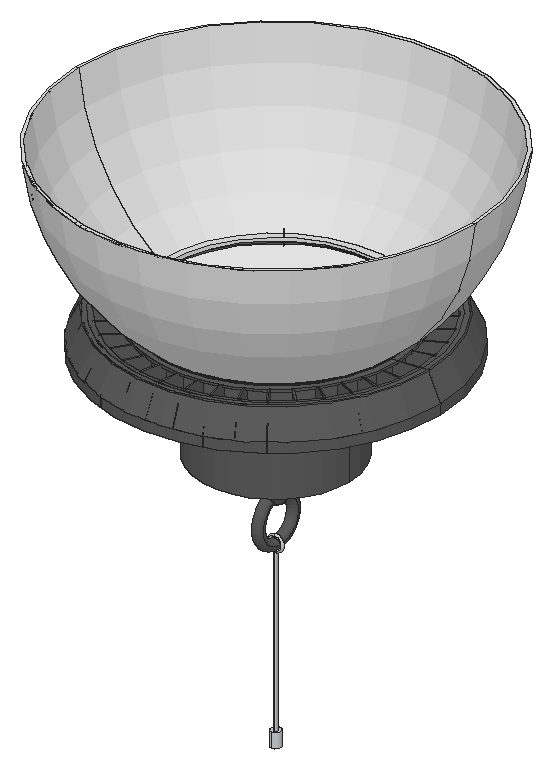
Revit family "0039346+0039359 Feilo Sylvania Lighting Fixture START HIGHBAY 4K 26KLM MEDIUM with ALU SHADE ALU COLOR FOR 26KLM", category Lighting Fixtures, host Face, Revit 2017
Family settings
  Host = Face
  Round Connector Dimension = Use Diameter
  Part Type = Normal
  OmniClass Number = 23.80.70.00
  OmniClass Title = Lighting
  Cut with Voids When Loaded = No
  Light Source = Yes
  Shared = No
  Room Calculation Point = No
Parameters (values of type "0039346+0039359 START HIGHBAY 4K 26KLM MEDIUM ALU SHADE ALU COLOR FOR 26KLM")
  WidthStraight_FEILO = if(SizeS_FEILO, 3 mm, if(SizeM_FEILO, 4 mm, 4.7 mm))  # 4.7 mm
  WidthRingChamfer_FEILO = if(SizeS_FEILO, 10.3 mm, if(SizeM_FEILO, 11.2 mm, 12.9 mm))  # 12.9 mm
  WidthCurved_FEILO = if(SizeS_FEILO, 17.4 mm, if(SizeM_FEILO, 16.4 mm, 26.2 mm))  # 26.2 mm
  WidthCurvedRing_FEILO = if(SizeS_FEILO, 3 mm, if(SizeM_FEILO, 4 mm, 4.7 mm))  # 4.7 mm
  WidthBracket_FEILO = 40 mm
  Weight = "3.7 kg"
  Wattage Comments = ""
  Wattage = 200 W
  WarrantyStartDate [instance] = "n/a"
  WarrantyGuarantorParts = "n/a"
  WarrantyDurationUnit = "n/a"
  WarrantyDurationParts = "n/a"
  WarrantyDescription = "n/a"
  built-in parameter 1150110 = 1 (stored number, unit not read)
  Voltage = 230 V
  VisibilityBracket_FEILO = no
  URL = "http://www.sylvania-lighting.com"
  TypeName = "START HIGHBAY 4K 26KLM MEDIUM ALU SHADE ALU COLOR FOR 26KLM"
  Type Image = <None>
  Type Comments = "n/a"
  built-in parameter 1114217 = 1 (stored number, unit not read)
  Tilt Angle = -90.00°
  ThicknessWall_FEILO = 1.5 mm
  ThicknessBracket_FEILO = 1.5 mm
  ThicknessBracketHalf_FEILO = ThicknessBracket_FEILO / 2  # 0.75 mm
  built-in parameter 1150109 = 1 (stored number, unit not read)
  built-in parameter 1150134 = 12
  SuspensionHeight_FEILO [instance] = 400 mm
  built-in parameter 1150113 = 1 (stored number, unit not read)
  SizeS_FEILO = no
  SizeM_FEILO = no
  ShadeThickness_FEILO = 3 mm
  ShadeSizeSM_FEILO = or(SizeS_FEILO, SizeM_FEILO)  # no
  ShadeRadiusOut_FEILO = 205 mm
  ShadeRadiusIn_FEILO = if(ShadeSizeSM_FEILO, 95 mm, 121 mm)  # 121 mm
  ShadeRadiusBend_FEILO = if(ShadeSizeSM_FEILO, 210 mm, 210 mm)  # 210 mm
  ShadeHeight_FEILO = if(ShadeSizeSM_FEILO, 120 mm, 151 mm)  # 151 mm
  SerialNumber [instance] = "n/a"
  Rib4_FEILO = if(SizeS_FEILO, 18.1 mm, if(SizeM_FEILO, 13.6 mm, 14.6 mm))  # 14.6 mm
  Rib3_FEILO = if(SizeS_FEILO, 15.3 mm, if(SizeM_FEILO, 17.6 mm, 20.2 mm))  # 20.2 mm
  Rib2_FEILO = if(SizeS_FEILO, 3.6 mm, if(SizeM_FEILO, 3.9 mm, 4.5 mm))  # 4.5 mm
  Rib1_FEILO = if(SizeS_FEILO, 15.1 mm, if(SizeM_FEILO, 16.5 mm, 19 mm))  # 19 mm
  RadiusDiffuser_FEILO = if(SizeS_FEILO, 95.2 mm, if(SizeM_FEILO, 105.3 mm, 120 mm))  # 120 mm
  RadiusArrayPost_FEILO = DriverRadius_FEILO - 6 mm  # 70.4 mm
  RHRadius3_FEILO = if(SizeS_FEILO, 6.6 mm, if(SizeM_FEILO, 7.4 mm, 8.6 mm))  # 8.6 mm
  RHRadius2_FEILO = if(SizeS_FEILO, 11 mm, if(SizeM_FEILO, 12 mm, 14 mm))  # 14 mm
  RHRadius1_FEILO = if(SizeS_FEILO, 13.6 mm, if(SizeM_FEILO, 14.9 mm, 17.7 mm))  # 17.7 mm
  RHHeight4_FEILO = if(SizeS_FEILO, 7.3 mm, if(SizeM_FEILO, 8 mm, 9.2 mm))  # 9.2 mm
  RHHeight3_FEILO = if(SizeS_FEILO, 3.6 mm, if(SizeM_FEILO, 3.7 mm, 4.6 mm))  # 4.6 mm
  RHHeight2_FEILO = if(SizeS_FEILO, 2 mm, if(SizeM_FEILO, 2.2 mm, 2.6 mm))  # 2.6 mm
  RHHeight1_FEILO = if(SizeS_FEILO, 11.8 mm, if(SizeM_FEILO, 15.3 mm, 17.4 mm))  # 17.4 mm
  Photometric Web File = "0039346+0039359.ies"
  Material_5_FEILO = Shade-Sylvania-StartHighbay-Alu
  Material_3_FEILO = LED-Sylvania-StartHighbay-Glow
  PowerFactor = 0.95
  PowerConsumption = "200 W"
  NominalLength = 339 mm
  NominalHeight = 194 mm
  NominalDepth = 339 mm
  Name = "START HIGHBAY 4K 26KLM MEDIUM ALU SHADE ALU COLOR FOR 26KLM"
  ModelReference = Name  # "START HIGHBAY 4K 26KLM MEDIUM ALU SHADE ALU COLOR FOR 26KLM"
  ModelNumber = "0039346+0039359"
  Model = Name  # "START HIGHBAY 4K 26KLM MEDIUM ALU SHADE ALU COLOR FOR 26KLM"
  Material = "aluminium alloy housing, polycarbonate diffuser"
  ManufacturerName = "Feilo Sylvania"
  Manufacturer = "Feilo Sylvania"
  LuminousEfficacy = "130 lm/W"
  built-in parameter 1150105 = 35336 (stored number, unit not read)
  Lumens = 26000 lm
  LuminaireType = ""
  built-in parameter 1150115 = 1 (stored number, unit not read)
  LightOutputRatio = "n/a"
  built-in parameter 1150137 = (empty or 0)
  built-in parameter 1150139 = (empty or 0)
  LampsType = Lamp  # "LED"
  LampNominalLuminous = "26000 lm"
  LampMacAdamStep = "n/a"
  LampColourTemperature = "4000 K"
  LampColourRenderingIndex = "80"
  built-in parameter 1150112 = 1 (stored number, unit not read)
  built-in parameter 1150114 = 1 (stored number, unit not read)
  Lamp = "LED"
  Keynote = "16500"
  InstallationDate [instance] = "n/a"
  InputVoltage = "220-240V~"
  InputNominalFrequency = "50/60 Hz"
  built-in parameter 1150132 = (empty or 0)
  built-in parameter 1150102 = (empty or 0)
  built-in parameter 1150107 = 4000 (stored number, unit not read)
  built-in parameter 1150138 = (empty or 0)
  IngressProtection = "IP65"
  ImpactProtectionIndex = "IK08"
  built-in parameter 1150106 = 353.36 (stored number, unit not read)
  IfcExportType = "IfcLightFixtureType"
  IfcExportAs = "IfcLightFixtureType"
  HeightRing_FEILO = if(SizeS_FEILO, 19.8 mm, if(SizeM_FEILO, 32 mm, 36.8 mm))  # 36.8 mm
  HeightRingChamfer_FEILO = if(SizeS_FEILO, 11.7 mm, if(SizeM_FEILO, 23.2 mm, 26.6 mm))  # 26.6 mm
  EyeThickness_FEILO = if(SizeS_FEILO, 8.4 mm, if(SizeM_FEILO, 9.2 mm, 10.5 mm))  # 10.5 mm
  EyeThicknessHalf_FEILO = EyeThickness_FEILO / 2  # 5.25 mm
  EyeInner_FEILO = if(SizeS_FEILO, 13.8 mm, if(SizeM_FEILO, 15.1 mm, 17.3 mm))  # 17.3 mm
  ExpectedLife = 50000
  Emit from Circle Diameter = RadiusDiffuser_FEILO * 2  # 240 mm
  Emit Shape Visible in Rendering = no
  ElectricShockClassification = "Class I"
  built-in parameter 1150104 = 12.077 (stored number, unit not read)
  DurationUnit = "hours"
  DriverVerticalStraight_FEILO = if(SizeS_FEILO, 46.5 mm, if(SizeM_FEILO, 49.7 mm, 57 mm))  # 57 mm
  DriverVerticalChamfer_FEILO = if(SizeS_FEILO, 7.5 mm, if(SizeM_FEILO, 8.2 mm, 9.5 mm))  # 9.5 mm
  DriverRadius_FEILO = if(SizeS_FEILO, 61.4 mm, if(SizeM_FEILO, 67.2 mm, 76.4 mm))  # 76.4 mm
  DriverRadiusTop_FEILO = if(SizeS_FEILO, 42 mm, if(SizeM_FEILO, 45.3 mm, 52.4 mm))  # 52.4 mm
  DriverBottom_FEILO = if(SizeS_FEILO, 56 mm, if(SizeM_FEILO, 64.5 mm, 74 mm))  # 74 mm
  DocumentationLiterature = "http://www.sylvania-lighting.com/product/en-int/products/0039346"
  DimmingControlOptions = "n/a"
  Material_2_FEILO = Diffuser-Sylvania-StartHighbay-Transparent
  Radius_FEILO = if(SizeS_FEILO, 135 mm, if(SizeM_FEILO, 148 mm, 169.5 mm))  # 169.5 mm
  Dimming Lamp Color Temperature Shift = <None>
  DiameterWire_FEILO = 3 mm
  DiameterWireSupport_FEILO = 10 mm
  Description = "START HIGHBAY, includes 1 m cables, black aluminium housing, 26000LM, 200W, 130lm/W, 4000K, Driver current: 5000mA, CR80, 60° beam angle, 1-10V dimmable,  IP65, IK08, 50,000 hrs (L70B50), (LxWxH) 339x339x194mm"
  Default Elevation = 1219.2 mm
  CreatedOn = "2/28/2018"
  CreatedBy = ""
  Cost = 0
  Color Filter = 16777215
  built-in parameter 1114216 [instance] = (empty or 0)
  ClassificationValue = "EF_70_80"
  ClassificationName = "Uniclass2015"
  Material_1_FEILO = Body-Sylvania-StartHighbay-Black
  BarCode [instance] = "n/a"
  built-in parameter 1114218 = 1 (stored number, unit not read)
  built-in parameter 1150133 = 10 (stored number, unit not read)
  AssetType = "Fixed"
  AssetIdentifier [instance] = "n/a"
  Assembly Code = "D5020200"
  Apparent Load = 200 VA
  Material_4_FEILO = Shade-Sylvania-StartHighbay-Alu
Reference planes
  plane 1 "Center (Front/Back)": y = 0
  plane 2: z = 0
  plane 3 "Center (Left/Right)": x = 0
  plane 4: z = 400
  plane 5: x = -169.5
  plane 6: x = -156.6
  plane 7: z = 373.4
  plane 8: z = 363.2
  plane 9: x = -151.9
  plane 10: z = 397.375
  plane 11: x = -125.7
  plane 12: x = -120
  plane 13: x = -147.2
  plane 14: z = 398.375
  plane 15: z = 396.375
  plane 16: x = -117
  plane 17: z = 395.375
  plane 18: x = -168
  plane 19: x = -150.5
  plane 20: z = 358.7
  plane 21: x = -130.3
  plane 22: z = 344.1
  plane 23: x = -20
  plane 24: z = 326
  plane 25: x = -76.4
  plane 26: z = 269
  plane 27: x = -52.4
  plane 28: z = 259.5
  plane 29: x = -17.7
  plane 30: z = 242.1
  plane 31: z = 239.5
  plane 32: x = -14
  plane 33: z = 234.9
  plane 34: z = 225.7
  plane 35: x = -8.6
  plane 36: z = 208.4
  plane 37: z = 191.1
  plane 38: x = 5.25
  plane 39: x = -5.25
  plane 40: z = 180.6
  plane 41: z = 185.85
  plane 42: x = -162.3
  plane 43: x = -167
  plane 44: z = 361.7
  plane 45: x = -155.1
  plane 46: z = 297.5
  plane 47: y = -20
  plane 48: y = 20
  plane 49: x = 169.5
  plane 50: x = 156.6
  plane 51: x = 168
  plane 52: x = 162.3
  plane 53: x = 167
  plane 54: x = 155.1
  plane 55: z = 194.1
  plane 56: y = 1.5
  plane 57: y = -1.5
  plane 58: z = 192.6
  plane 59: z = 179.1
  plane 60: z = 177.6
  plane 61: y = -5
  plane 62: y = 5
  plane 63: z = 14
  plane 64: x = -205
  plane 65: z = 551
  plane 66: x = -121
  plane 67: x = -113
  plane 68: x = -202
  plane 69: z = 403
Forms (mm)
  Revolve 1, solid, material "Body-Sylvania-StartHighbay-Black" <- "Material_1_FEILO", detail levels medium+fine
    sketch origin (0, 0, 0) x (1, 0, 0) y (0, 0, 1)
      loop
        line (-169.5, 363.2) -> (-168, 363.2) -> (-168, 373.055) -> (-156.206, 397.375) -> (-147.2, 397.375) -> (-147.2, 399.137)
        arc (-147.2, 399.137) -> (-149.554, 399.547) -> (-151.9, 400) r 132.063
        line (-151.9, 400) -> (-156.141, 400)
        arc (-156.141, 400) -> (-156.63, 399.826) -> (-156.899, 399.383) r 0.774
        line (-156.899, 399.383) -> (-169.5, 373.4) -> (-169.5, 363.2)
      axis (0, 400) -> (0, 363.2)
    angle from 360 to 0
  Revolve 2, solid, material "Body-Sylvania-StartHighbay-Black" <- "Material_1_FEILO", detail levels medium+fine
    sketch origin (0, 0, 0) x (1, 0, 0) y (0, 0, 1)
      loop
        line (-125.7, 395.375) -> (-120, 395.375) -> (-120, 373.4) -> (0, 373.4) -> (0, 395.375) -> (-117, 395.375) -> (-117, 396.375) -> (-120, 396.375) -> (-120, 397.375) -> (-125.7, 397.375) -> (-125.7, 395.375)
      axis (0, 397.375) -> (0, 373.4)
    angle from 360 to 0
  Revolve 3, solid, material "Diffuser-Sylvania-StartHighbay-Transparent" <- "Material_2_FEILO", detail levels medium+fine
    sketch origin (0, 0, 0) x (1, 0, 0) y (0, 0, 1)
      loop
        line (-120, 396.375) -> (0, 396.375) -> (0, 398.375) -> (-120, 398.375) -> (-120, 396.375)
      axis (0, 398.375) -> (0, 396.375)
    angle from 360 to 0
  Revolve 4, solid, material "Body-Sylvania-StartHighbay-Black" <- "Material_1_FEILO"
    sketch origin (0, 0, 0) x (1, 0, 0) y (0, 0, 1)
      loop
        line (-76.4, 344.1) -> (-76.4, 269) -> (-52.4, 259.5) -> (-17.7, 259.5) -> (-17.7, 242.1) -> (-14, 239.5) -> (-14, 234.9) -> (-9.037, 226.426)
        arc (-9.037, 226.426) -> (-8.49, 225.894) -> (-7.753, 225.7) r 1.5
        line (-7.753, 225.7) -> (0, 225.7) -> (0, 344.1) -> (-76.4, 344.1)
      axis (0, 344.1) -> (0, 225.7)
    angle from 360 to 0
  Revolve 5, solid, material "Body-Sylvania-StartHighbay-Black" <- "Material_1_FEILO"
    sketch origin (0, 0, 0) x (1, 0, 0) y (0, 0, 1)
      loop
        circle (0, 185.85) r 5.25
      axis (5.25, 208.4) -> (-5.25, 208.4)
    angle from 360 to 0
  Extrusion 6, solid, material "Body-Sylvania-StartHighbay-Black" <- "Material_1_FEILO", visible <- "VisibilityBracket_FEILO"
    sketch origin (0, 0, 0) x (1, 0, 0) y (0, 0, 1)
      loop
        line (-167, 363.2) -> (-167, 361.7) -> (-157.35, 361.7)
        arc (-157.35, 361.7) -> (-156.82, 361.48) -> (-156.6, 360.95) r 0.75
        line (-156.6, 360.95) -> (-156.6, 297.5) -> (-155.1, 297.5) -> (-155.1, 361.7)
        arc (-155.1, 361.7) -> (-155.539, 362.761) -> (-156.6, 363.2) r 1.5
        line (-156.6, 363.2) -> (-167, 363.2)
      loop
        line (167, 363.2) -> (156.6, 363.2)
        arc (156.6, 363.2) -> (155.539, 362.761) -> (155.1, 361.7) r 1.5
        line (155.1, 361.7) -> (155.1, 297.5) -> (156.6, 297.5) -> (156.6, 360.95)
        arc (156.6, 360.95) -> (156.82, 361.48) -> (157.35, 361.7) r 0.75
        line (157.35, 361.7) -> (167, 361.7) -> (167, 363.2)
    from -20 to 20
  Extrusion 7, void
    sketch origin (0, 0, 0) x (0, 1, 0) y (0, 0, 1)
      loop
        arc (-10, 297.5) -> (-17.071, 300.429) -> (-20, 307.5) r 10
        line (-20, 307.5) -> (-25, 307.5) -> (-25, 292.5) -> (-10, 292.5) -> (-10, 297.5)
      loop
        line (10, 297.5) -> (10, 292.5) -> (25, 292.5) -> (25, 307.5) -> (20, 307.5)
        arc (20, 307.5) -> (17.071, 300.429) -> (10, 297.5) r 10
    from -156.6 to 156.6
  Revolve 8, solid, material "Body-Sylvania-StartHighbay-Black" <- "Material_1_FEILO", detail levels coarse
    sketch origin (0, 0, 0) x (1, 0, 0) y (0, 0, 1)
      loop
        line (0, 400) -> (-156.6, 400) -> (-169.5, 373.4) -> (-169.5, 363.2) -> (-150.5, 363.2) -> (-150.5, 358.7) -> (-130.3, 344.1) -> (0, 344.1) -> (0, 400)
      axis (0, 400) -> (0, 344.1)
    angle from 360 to 0
  Revolve 9, solid
    sketch origin (0, 0, 0) x (0, 1, 0) y (0, 0, 1)
      loop
        circle (0, 192.6) r 1.5
      axis (1.5, 185.85) -> (-1.5, 185.85)
    angle from 360 to 0
  Revolve 10, solid
    sketch origin (0, 0, 0) x (0, 1, 0) y (0, 0, 1)
      loop
        line (0, 0) -> (0, 179.1) -> (-1.5, 179.1) -> (-1.5, 14) -> (-5, 14) -> (-5, 0) -> (0, 0)
      axis (0, 0) -> (0, 179.1)
    angle from 360 to 0
  Revolve 11, solid, material "Shade-Sylvania-StartHighbay-Alu" <- "Material_4_FEILO"
    sketch origin (0, 0, 0) x (1, 0, 0) y (0, 0, 1)
      loop
        line (-121, 400) -> (-113, 400) -> (-113, 403) -> (-120.341, 403)
        arc (-120.341, 403) -> (-177.055, 468.269) -> (-202.193, 551) r 207.203
        line (-202.193, 551) -> (-205, 551)
        arc (-205, 551) -> (-179.25, 466.46) -> (-121, 400) r 210
      axis (0, 551) -> (0, 400)
    angle from 360 to 0
Cuts and joins
  Extrusion 7 cuts Extrusion 6
Lines and regions (mm)
  reference lines
    curve 1: line (-169.5, 0, 373.4) -> (-156.6, 0, 400)
    curve 2: line (-125.7, 0, 397.375) -> (0, 0, 397.375)
    curve 3: arc (-125.7, 0, 397.375) -> (-138.866, 0, 398.033) -> (-151.9, 0, 400) r 132.063
    curve 4: line (-156.6, 0, 400) -> (-151.9, 0, 400)
    curve 5: line (-156.206, 0, 397.375) -> (-168, 0, 373.055)
    curve 6: line (-150.5, 0, 358.7) -> (-130.3, 0, 344.1)
    curve 7: line (-14, 0, 234.9) -> (-8.6, 0, 225.7)
    curve 8: circle (0, 0, 185.85) r 5.25 normal (0, -1, 0)
    curve 9: arc (-121, 0, 400) -> (-179.25, 0, 466.46) -> (-205, 0, 551) r 210
Dimensions and locks
  "Radius_FEILO": plane 3 "Center (Left/Right)" to plane 5
  "WidthRingChamfer_FEILO": plane 6 to plane 5
  "WidthStraight_FEILO": plane 9 to plane 6
  "WidthCurvedRing_FEILO": plane 13 to plane 9
  locked: plane 10 to plane 15 at 1
  locked: plane 14 to plane 10 at 1
  locked: plane 4 to plane 10 at 2.625
  locked: plane 15 to plane 17 at 1
  "ThicknessWall_FEILO": plane 18 to plane 5
  "ThicknessWall_FEILO": curve 5 to curve 1
  "HeightRingChamfer_FEILO": plane 4 to plane 7
  "HeightRing_FEILO": plane 4 to plane 8
  "RadiusDiffuser_FEILO": plane 3 "Center (Left/Right)" to plane 12
  locked: plane 16 to plane 12 at 3
  "WidthCurved_FEILO": plane 11 to plane 9
  "SuspensionHeight_FEILO": plane 4 to plane 2
  "Rib1_FEILO": plane 19 to plane 5
  "Rib2_FEILO": plane 8 to plane 20
  "Rib3_FEILO": plane 21 to plane 19
  "Rib4_FEILO": plane 20 to plane 22
  locked: plane 3 "Center (Left/Right)" to plane 23 at 20
  "DriverBottom_FEILO": plane 4 to plane 24
  "DriverRadius_FEILO": plane 3 "Center (Left/Right)" to plane 25
  "DriverVerticalStraight_FEILO": plane 24 to plane 26
  "DriverRadiusTop_FEILO": plane 3 "Center (Left/Right)" to plane 27
  "DriverVerticalChamfer_FEILO": plane 26 to plane 28
  "RHRadius1_FEILO": plane 3 "Center (Left/Right)" to plane 29
  "RHHeight2_FEILO": plane 30 to plane 31
  "RHRadius2_FEILO": plane 3 "Center (Left/Right)" to plane 32
  "RHHeight3_FEILO": plane 31 to plane 33
  "RHHeight4_FEILO": plane 33 to plane 34
  "RHRadius3_FEILO": plane 3 "Center (Left/Right)" to plane 35
  "RHHeight1_FEILO": plane 28 to plane 30
  "EyeInner_FEILO": plane 34 to plane 36
  "EyeInner_FEILO": plane 36 to plane 37
  equal spacing: plane 38, plane 3 "Center (Left/Right)", plane 39
  "EyeThickness_FEILO": plane 38 to plane 39
  "EyeThickness_FEILO": plane 37 to plane 40
  equal spacing: plane 37, plane 41, plane 40
  equal spacing: plane 6, plane 42, plane 18
  "ThicknessBracket_FEILO": plane 45 to plane 6
  "ThicknessBracket_FEILO": plane 8 to plane 44
  locked: plane 43 to plane 18 at 1
  equal spacing: plane 24, plane 46, plane 26
  equal spacing: plane 47, plane 1 "Center (Front/Back)", plane 48
  "WidthBracket_FEILO": plane 47 to plane 48
  "WidthRingChamfer_FEILO": plane 50 to plane 49
  "ThicknessWall_FEILO": plane 51 to plane 49
  equal spacing: plane 50, plane 52, plane 51
  "ThicknessBracket_FEILO": plane 54 to plane 50
  locked: plane 53 to plane 51 at 1
  "Radius_FEILO": plane 49 to plane 3 "Center (Left/Right)"
  equal spacing: plane 57, imposter light, plane 56
  "DiameterWire_FEILO": plane 57 to plane 56
  "DiameterWire_FEILO": plane 37 to plane 55
  equal spacing: plane 37, plane 58, plane 55
  "DiameterWire_FEILO": plane 60 to plane 40
  equal spacing: plane 60, plane 59, plane 40
  equal spacing: plane 61, plane 1 "Center (Front/Back)", plane 62
  "DiameterWireSupport_FEILO": plane 61 to plane 62
  locked: plane 63 to plane 2 at 14
  "ShadeRadiusOut_FEILO": plane 3 "Center (Left/Right)" to plane 64
  "ShadeHeight_FEILO": plane 65 to plane 4
  "ShadeRadiusIn_FEILO": plane 3 "Center (Left/Right)" to plane 66
  locked: plane 67 to plane 66 at 8
  "ShadeThickness_FEILO": plane 69 to plane 4
  "ShadeThickness_FEILO": plane 68 to plane 64
  "EyeThicknessHalf_FEILO": radius of curve 8
  "ThicknessBracket_FEILO": radius of Extrusion 6 sketch curve  (x2)
  "ThicknessBracketHalf_FEILO": radius of Extrusion 6 sketch curve  (x2)
  "DiameterWire_FEILO": diameter of Revolve 9 sketch curve
  "ShadeRadiusBend_FEILO": radius of curve 9
  aligned and locked: plane 2 to host face
  aligned and locked: level to host face
  aligned and locked: plane 5 to curve 1
  aligned and locked: plane 6 to curve 1
  aligned and locked: plane 7 to curve 1
  aligned and locked: plane 10 to curve 2
  aligned and locked: plane 9 to curve 3
  aligned and locked: plane 4 to curve 3
  aligned and locked: plane 11 to curve 3
  aligned and locked: plane 4 to curve 4
  aligned and locked: plane 18 to curve 5
  aligned and locked: plane 10 to curve 5
  aligned and locked: Revolve 1 sketch curve to plane 3 "Center (Left/Right)"
  aligned and locked: Revolve 1 sketch curve to curve 3
  aligned and locked: Revolve 1 sketch curve to curve 1
  aligned and locked: plane 4 to Revolve 1 sketch curve
  aligned and locked: plane 9 to Revolve 1 sketch curve
  aligned and locked: Revolve 1 sketch curve to plane 13
  aligned and locked: Revolve 1 sketch curve to plane 10
  aligned and locked: plane 13 to Revolve 1 sketch curve
  aligned and locked: plane 10 to Revolve 1 sketch curve
  aligned and locked: Revolve 1 sketch curve to plane 18
  aligned and locked: Revolve 1 sketch curve to plane 8
  aligned and locked: plane 5 to Revolve 1 sketch curve  (x2)
  aligned and locked: Revolve 2 sketch curve to plane 3 "Center (Left/Right)"
  aligned and locked: plane 11 to Revolve 2 sketch curve
  aligned and locked: Revolve 2 sketch curve to curve 2
  aligned and locked: plane 15 to Revolve 2 sketch curve
  aligned and locked: Revolve 2 sketch curve to plane 16
  aligned and locked: plane 17 to Revolve 2 sketch curve  (x2)
  aligned and locked: Revolve 2 sketch curve to plane 12
  aligned and locked: plane 7 to Revolve 2 sketch curve
  aligned and locked: Revolve 3 sketch curve to plane 3 "Center (Left/Right)"
  aligned and locked: Revolve 3 sketch curve to plane 14
  aligned and locked: plane 3 "Center (Left/Right)" to Revolve 3 sketch curve
  aligned and locked: Revolve 3 sketch curve to plane 12
  aligned and locked: plane 15 to Revolve 3 sketch curve
  aligned and locked: Revolve 1 sketch curve to curve 5
  aligned and locked: plane 22 to curve 6
  aligned and locked: plane 21 to curve 6
  aligned and locked: plane 20 to curve 6
  aligned and locked: plane 19 to curve 6
  aligned and locked: plane 33 to curve 7
  aligned and locked: plane 32 to curve 7
  aligned and locked: plane 35 to curve 7
  aligned and locked: plane 34 to curve 7
  aligned and locked: Revolve 4 sketch curve to plane 3 "Center (Left/Right)"
  aligned and locked: Revolve 4 sketch curve to plane 25
  aligned and locked: plane 27 to Revolve 4 sketch curve
  aligned and locked: plane 28 to Revolve 4 sketch curve
  aligned and locked: plane 30 to Revolve 4 sketch curve
  aligned and locked: Revolve 4 sketch curve to plane 29
  aligned and locked: plane 31 to Revolve 4 sketch curve
  aligned and locked: Revolve 4 sketch curve to curve 7
  aligned and locked: Revolve 4 sketch curve to plane 32
  aligned and locked: plane 34 to Revolve 4 sketch curve
  aligned and locked: plane 3 "Center (Left/Right)" to Revolve 4 sketch curve
  aligned and locked: plane 3 "Center (Left/Right)" to curve 8
  aligned and locked: plane 41 to curve 8
  aligned and locked: Revolve 5 sketch curve to plane 36
  aligned and locked: Revolve 5 sketch curve to curve 8
  aligned and locked: plane 43 to Extrusion 6 sketch curve  (x2)
  aligned and locked: plane 8 to Extrusion 6 sketch curve  (x3)
  aligned and locked: Extrusion 6 sketch curve to plane 45
  aligned and locked: Extrusion 6 sketch curve to plane 46  (x2)
  aligned and locked: plane 6 to Extrusion 6 sketch curve
  aligned and locked: Extrusion 6 sketch curve to plane 44  (x2)
  aligned and locked: Extrusion 6 to plane 48
  aligned and locked: plane 47 to Extrusion 6
  aligned and locked: plane 53 to Extrusion 6 sketch curve
  aligned and locked: plane 50 to Extrusion 6 sketch curve
  aligned and locked: Extrusion 6 sketch curve to plane 54
  aligned and locked: Extrusion 7 sketch curve to Extrusion 7 sketch curve
  aligned and locked: Extrusion 7 to plane 6
  aligned and locked: Extrusion 7 to Extrusion 6
  aligned and locked: Revolve 4 sketch curve to plane 22
  aligned and locked: plane 23 to nested 1
  aligned and locked: plane 1 "Center (Front/Back)" to nested 1
  aligned and locked: Revolve 8 sketch curve to plane 3 "Center (Left/Right)"
  aligned and locked: Revolve 8 sketch curve to plane 4
  aligned and locked: plane 6 to Revolve 8 sketch curve
  aligned and locked: plane 4 to Revolve 8 sketch curve
  aligned and locked: plane 7 to Revolve 8 sketch curve
  aligned and locked: Revolve 8 sketch curve to plane 5
  aligned and locked: plane 8 to Revolve 8 sketch curve  (x2)
  aligned and locked: Revolve 8 sketch curve to plane 19
  aligned and locked: plane 20 to Revolve 8 sketch curve
  aligned and locked: plane 19 to Revolve 8 sketch curve
  aligned and locked: plane 21 to Revolve 8 sketch curve
  aligned and locked: plane 22 to Revolve 8 sketch curve  (x2)
  aligned and locked: Revolve 8 sketch curve to Revolve 8 sketch curve
  aligned and locked: imposter light to plane 4
  aligned and locked: plane 3 "Center (Left/Right)" to imposter light
  aligned and locked: imposter light to plane 1 "Center (Front/Back)"
  aligned and locked: Revolve 9 sketch curve to plane 41
  aligned and locked: Revolve 10 sketch curve to plane 1 "Center (Front/Back)"
  aligned and locked: plane 1 "Center (Front/Back)" to Revolve 10 sketch curve  (x2)
  aligned and locked: host face to Revolve 10 sketch curve
  aligned and locked: plane 63 to Revolve 10 sketch curve
  aligned and locked: Revolve 10 sketch curve to plane 61
  aligned and locked: Revolve 10 sketch curve to plane 57
  aligned and locked: plane 59 to Revolve 10 sketch curve
  aligned and locked: plane 64 to curve 9
  aligned and locked: plane 65 to curve 9
  aligned and locked: plane 66 to curve 9
  aligned and locked: plane 4 to curve 9
  aligned and locked: Revolve 11 sketch curve to curve 9
  aligned and locked: plane 67 to Revolve 11 sketch curve
  aligned and locked: plane 66 to Revolve 11 sketch curve
  aligned and locked: plane 65 to Revolve 11 sketch curve  (x2)
  aligned and locked: Revolve 11 sketch curve to plane 67
  aligned and locked: plane 69 to Revolve 11 sketch curve
Automatic sketch dimensions
  host sketch curve to host sketch curve = 2438.4 mm  (x2)
  Revolve 1 sketch curve to plane 6 = 0.299 mm
  plane 6 to Revolve 1 sketch curve = 0.459 mm
  Revolve 1 sketch curve to level = 609.6 mm
  Revolve 1 sketch curve to Revolve 1 sketch curve = 2312.223 mm
  Revolve 2 sketch curve to plane 12 = 0 mm
  Revolve 2 sketch curve to plane 3 "Center (Left/Right)" = 0 mm
  Revolve 2 sketch curve to level = 609.6 mm
  Revolve 2 sketch curve to plane 4 = 2339.058 mm
  Revolve 3 sketch curve to level = 609.6 mm
  Revolve 3 sketch curve to plane 4 = 2339.058 mm
  Revolve 5 sketch curve to plane 5 = 1080 mm
  plane 38 to Revolve 5 sketch curve = 1219.2 mm
  Extrusion 7 sketch curve to plane 47 = 0 mm
  plane 46 to Extrusion 7 sketch curve = 0 mm  (x2)
  Extrusion 7 sketch curve to plane 48 = 0 mm
  plane 47 to Extrusion 7 sketch curve = 5 mm
  plane 1 "Center (Front/Back)" to Extrusion 7 sketch curve = 10 mm
  Extrusion 7 sketch curve to Extrusion 7 sketch curve = 10 mm
  plane 46 to Extrusion 7 sketch curve = 5 mm
  Extrusion 7 sketch curve to Extrusion 7 sketch curve = 5 mm
  Extrusion 7 sketch curve to plane 48 = 5 mm
  Revolve 4 sketch curve to plane 26 = 0 mm
  Revolve 4 sketch curve to plane 35 = 0.437 mm
  plane 35 to Revolve 4 sketch curve = 0.847 mm
  Revolve 4 sketch curve to plane 34 = 0.726 mm
  plane 40 to Revolve 4 sketch curve = 590.2 mm
  Revolve 4 sketch curve to plane 4 = 2339.058 mm
  Revolve 8 sketch curve to level = 609.6 mm
  Revolve 8 sketch curve to Revolve 8 sketch curve = 2386.058 mm
  Revolve 9 sketch curve to plane 1 "Center (Front/Back)" = 0 mm
  plane 58 to Revolve 9 sketch curve = 0 mm
  plane 47 to Revolve 9 sketch curve = 2534.941 mm
  Revolve 9 sketch curve to plane 48 = 2077.409 mm
  Revolve 10 sketch curve to Revolve 10 sketch curve = 609.6 mm
  Revolve 10 sketch curve to plane 4 = 2123.807 mm
  curve 2 to plane 3 "Center (Left/Right)" = 0 mm
  Revolve 11 sketch curve to Revolve 11 sketch curve = 0 mm  (x2)
  Revolve 11 sketch curve to plane 3 "Center (Left/Right)" = 0 mm
  plane 66 to Revolve 11 sketch curve = 0.659 mm
  Revolve 11 sketch curve to level = 609.6 mm
  Revolve 11 sketch curve to Revolve 11 sketch curve = 2068.248 mm
Nested families
  nested 1: "Start Highbay Rib" at (0, 0, 397.375), type "Type Name", detail levels medium+fine
    with SuspensionHeight_FEILO 2.6 mm
  nested 2: "Start Highbay Rib" at (0, 0, 397.375) x (0.9877, 0.1564, 0) z (0, 0, 1), type "Type Name", detail levels medium+fine
    with SuspensionHeight_FEILO 2.6 mm
  nested 3: "Start Highbay Rib" at (0, 0, 397.375) x (0.9511, 0.309, 0) z (0, 0, 1), type "Type Name", detail levels medium+fine
    with SuspensionHeight_FEILO 2.6 mm
  nested 4: "Start Highbay Rib" at (0, 0, 397.375) x (0.891, 0.454, 0) z (0, 0, 1), type "Type Name", detail levels medium+fine
    with SuspensionHeight_FEILO 2.6 mm
  nested 5: "Start Highbay Rib" at (0, 0, 397.375) x (0.809, 0.5878, 0) z (0, 0, 1), type "Type Name", detail levels medium+fine
    with SuspensionHeight_FEILO 2.6 mm
  nested 6: "Start Highbay Rib" at (0, 0, 397.375) x (0.7071, 0.7071, 0) z (0, 0, 1), type "Type Name", detail levels medium+fine
    with SuspensionHeight_FEILO 2.6 mm
  nested 7: "Start Highbay Rib" at (0, 0, 397.375) x (0.5878, 0.809, 0) z (0, 0, 1), type "Type Name", detail levels medium+fine
    with SuspensionHeight_FEILO 2.6 mm
  nested 8: "Start Highbay Rib" at (0, 0, 397.375) x (0.454, 0.891, 0) z (0, 0, 1), type "Type Name", detail levels medium+fine
    with SuspensionHeight_FEILO 2.6 mm
  nested 9: "Start Highbay Rib" at (0, 0, 397.375) x (0.309, 0.9511, 0) z (0, 0, 1), type "Type Name", detail levels medium+fine
    with SuspensionHeight_FEILO 2.6 mm
  nested 10: "Start Highbay Rib" at (0, 0, 397.375) x (0.1564, 0.9877, 0) z (0, 0, 1), type "Type Name", detail levels medium+fine
    with SuspensionHeight_FEILO 2.6 mm
  nested 11: "Start Highbay Rib" at (0, 0, 397.375) x (0, 1, 0) z (0, 0, 1), type "Type Name", detail levels medium+fine
    with SuspensionHeight_FEILO 2.6 mm
  nested 12: "Start Highbay Rib" at (0, 0, 397.375) x (-0.1564, 0.9877, 0) z (0, 0, 1), type "Type Name", detail levels medium+fine
    with SuspensionHeight_FEILO 2.6 mm
  nested 13: "Start Highbay Rib" at (0, 0, 397.375) x (-0.309, 0.9511, 0) z (0, 0, 1), type "Type Name", detail levels medium+fine
    with SuspensionHeight_FEILO 2.6 mm
  nested 14: "Start Highbay Rib" at (0, 0, 397.375) x (-0.454, 0.891, 0) z (0, 0, 1), type "Type Name", detail levels medium+fine
    with SuspensionHeight_FEILO 2.6 mm
  nested 15: "Start Highbay Rib" at (0, 0, 397.375) x (-0.5878, 0.809, 0) z (0, 0, 1), type "Type Name", detail levels medium+fine
    with SuspensionHeight_FEILO 2.6 mm
  nested 16: "Start Highbay Rib" at (0, 0, 397.375) x (-0.7071, 0.7071, 0) z (0, 0, 1), type "Type Name", detail levels medium+fine
    with SuspensionHeight_FEILO 2.6 mm
  nested 17: "Start Highbay Rib" at (0, 0, 397.375) x (-0.809, 0.5878, 0) z (0, 0, 1), type "Type Name", detail levels medium+fine
    with SuspensionHeight_FEILO 2.6 mm
  nested 18: "Start Highbay Rib" at (0, 0, 397.375) x (-0.891, 0.454, 0) z (0, 0, 1), type "Type Name", detail levels medium+fine
    with SuspensionHeight_FEILO 2.6 mm
  nested 19: "Start Highbay Rib" at (0, 0, 397.375) x (-0.9511, 0.309, 0) z (0, 0, 1), type "Type Name", detail levels medium+fine
    with SuspensionHeight_FEILO 2.6 mm
  nested 20: "Start Highbay Rib" at (0, 0, 397.375) x (-0.9877, 0.1564, 0) z (0, 0, 1), type "Type Name", detail levels medium+fine
    with SuspensionHeight_FEILO 2.6 mm
  nested 21: "Start Highbay Rib" at (0, 0, 397.375) x (-1, 0, 0) z (0, 0, 1), type "Type Name", detail levels medium+fine
    with SuspensionHeight_FEILO 2.6 mm
  nested 22: "Start Highbay Rib" at (0, 0, 397.375) x (-0.9877, -0.1564, 0) z (0, 0, 1), type "Type Name", detail levels medium+fine
    with SuspensionHeight_FEILO 2.6 mm
  nested 23: "Start Highbay Rib" at (0, 0, 397.375) x (-0.9511, -0.309, 0) z (0, 0, 1), type "Type Name", detail levels medium+fine
    with SuspensionHeight_FEILO 2.6 mm
  nested 24: "Start Highbay Rib" at (0, 0, 397.375) x (-0.891, -0.454, 0) z (0, 0, 1), type "Type Name", detail levels medium+fine
    with SuspensionHeight_FEILO 2.6 mm
  nested 25: "Start Highbay Rib" at (0, 0, 397.375) x (-0.809, -0.5878, 0) z (0, 0, 1), type "Type Name", detail levels medium+fine
    with SuspensionHeight_FEILO 2.6 mm
  nested 26: "Start Highbay Rib" at (0, 0, 397.375) x (-0.7071, -0.7071, 0) z (0, 0, 1), type "Type Name", detail levels medium+fine
    with SuspensionHeight_FEILO 2.6 mm
  nested 27: "Start Highbay Rib" at (0, 0, 397.375) x (-0.5878, -0.809, 0) z (0, 0, 1), type "Type Name", detail levels medium+fine
    with SuspensionHeight_FEILO 2.6 mm
  nested 28: "Start Highbay Rib" at (0, 0, 397.375) x (-0.454, -0.891, 0) z (0, 0, 1), type "Type Name", detail levels medium+fine
    with SuspensionHeight_FEILO 2.6 mm
  nested 29: "Start Highbay Rib" at (0, 0, 397.375) x (-0.309, -0.9511, 0) z (0, 0, 1), type "Type Name", detail levels medium+fine
    with SuspensionHeight_FEILO 2.6 mm
  nested 30: "Start Highbay Rib" at (0, 0, 397.375) x (-0.1564, -0.9877, 0) z (0, 0, 1), type "Type Name", detail levels medium+fine
    with SuspensionHeight_FEILO 2.6 mm
  nested 31: "Start Highbay Rib" at (0, 0, 397.375) x (0, -1, 0) z (0, 0, 1), type "Type Name", detail levels medium+fine
    with SuspensionHeight_FEILO 2.6 mm
  nested 32: "Start Highbay Rib" at (0, 0, 397.375) x (0.1564, -0.9877, 0) z (0, 0, 1), type "Type Name", detail levels medium+fine
    with SuspensionHeight_FEILO 2.6 mm
  nested 33: "Start Highbay Rib" at (0, 0, 397.375) x (0.309, -0.9511, 0) z (0, 0, 1), type "Type Name", detail levels medium+fine
    with SuspensionHeight_FEILO 2.6 mm
  nested 34: "Start Highbay Rib" at (0, 0, 397.375) x (0.454, -0.891, 0) z (0, 0, 1), type "Type Name", detail levels medium+fine
    with SuspensionHeight_FEILO 2.6 mm
  nested 35: "Start Highbay Rib" at (0, 0, 397.375) x (0.5878, -0.809, 0) z (0, 0, 1), type "Type Name", detail levels medium+fine
    with SuspensionHeight_FEILO 2.6 mm
  nested 36: "Start Highbay Rib" at (0, 0, 397.375) x (0.7071, -0.7071, 0) z (0, 0, 1), type "Type Name", detail levels medium+fine
    with SuspensionHeight_FEILO 2.6 mm
  nested 37: "Start Highbay Rib" at (0, 0, 397.375) x (0.809, -0.5878, 0) z (0, 0, 1), type "Type Name", detail levels medium+fine
    with SuspensionHeight_FEILO 2.6 mm
  nested 38: "Start Highbay Rib" at (0, 0, 397.375) x (0.891, -0.454, 0) z (0, 0, 1), type "Type Name", detail levels medium+fine
    with SuspensionHeight_FEILO 2.6 mm
  nested 39: "Start Highbay Rib" at (0, 0, 397.375) x (0.9511, -0.309, 0) z (0, 0, 1), type "Type Name", detail levels medium+fine
    with SuspensionHeight_FEILO 2.6 mm
  nested 40: "Start Highbay Rib" at (0, 0, 397.375) x (0.9877, -0.1564, 0) z (0, 0, 1), type "Type Name", detail levels medium+fine
    with SuspensionHeight_FEILO 2.6 mm
Connectors
  electrical at (0, 0, 0), driven by "Apparent Load", driven by "PowerFactor", driven by "Voltage"
    settings: index 1, voltage 230 V, apparent load 200 VA, apparent load phase1 0 VA, apparent load phase2 0 VA, apparent load phase3 0 VA, power factor 0.95, load classification "Lighting", number of poles 1, system type 30, power factor state 1, is connector primary yes, connector utility no, sub classification motor no, connector description ""
Definition of nested family "Start Highbay Rib"
  Parameters (values of type "Type Name")
    WidthStraight_FEILO = if(SizeS_FEILO, 3 mm, if(SizeM_FEILO, 4 mm, 4.7 mm))  # 3 mm
    WidthRingChamfer_FEILO = if(SizeS_FEILO, 10.3 mm, if(SizeM_FEILO, 11.2 mm, 12.9 mm))  # 10.3 mm
    WidthCurved_FEILO = if(SizeS_FEILO, 17.4 mm, if(SizeM_FEILO, 16.4 mm, 26.2 mm))  # 17.4 mm
    WidthCurvedRing_FEILO = if(SizeS_FEILO, 3 mm, if(SizeM_FEILO, 4 mm, 4.7 mm))  # 3 mm
    WidthBracket_FEILO = 40 mm
    URL = "http://www.feilosylvania.com"
    Type Image = (empty or 0)
    Type Comments = "n/a"
    ThicknessWall_FEILO = 1.5 mm
    ThicknessBracket_FEILO = 1.5 mm
    ThicknessBracketHalf_FEILO = ThicknessBracket_FEILO / 2  # 0.75 mm
    SuspensionHeight_FEILO [instance] = 2.6 mm
    SizeS_FEILO = yes
    SizeM_FEILO = no
    Rib4_FEILO = if(SizeS_FEILO, 18.1 mm, if(SizeM_FEILO, 13.6 mm, 14.6 mm))  # 18.1 mm
    Rib3_FEILO = if(SizeS_FEILO, 15.3 mm, if(SizeM_FEILO, 17.6 mm, 20.2 mm))  # 15.3 mm
    Rib2_FEILO = if(SizeS_FEILO, 3.6 mm, if(SizeM_FEILO, 3.9 mm, 4.5 mm))  # 3.6 mm
    Rib1_FEILO = if(SizeS_FEILO, 15.1 mm, if(SizeM_FEILO, 16.5 mm, 19 mm))  # 15.1 mm
    RadiusRib_FEILO = 2 mm
    RadiusDiffuser_FEILO = if(SizeS_FEILO, 95.2 mm, if(SizeM_FEILO, 105.3 mm, 120 mm))  # 95.2 mm
    RHRadius3_FEILO = if(SizeS_FEILO, 6.6 mm, if(SizeM_FEILO, 7.4 mm, 8.6 mm))  # 6.6 mm
    RHRadius2_FEILO = if(SizeS_FEILO, 11 mm, if(SizeM_FEILO, 12 mm, 14 mm))  # 11 mm
    RHRadius1_FEILO = if(SizeS_FEILO, 13.6 mm, if(SizeM_FEILO, 14.9 mm, 17.7 mm))  # 13.6 mm
    RHHeight4_FEILO = if(SizeS_FEILO, 7.3 mm, if(SizeM_FEILO, 8 mm, 9.2 mm))  # 7.3 mm
    RHHeight3_FEILO = if(SizeS_FEILO, 3.6 mm, if(SizeM_FEILO, 3.7 mm, 4.6 mm))  # 3.6 mm
    RHHeight2_FEILO = if(SizeS_FEILO, 2 mm, if(SizeM_FEILO, 2.2 mm, 2.6 mm))  # 2 mm
    RHHeight1_FEILO = if(SizeS_FEILO, 11.8 mm, if(SizeM_FEILO, 15.3 mm, 17.4 mm))  # 11.8 mm
    Material_3_FEILO = none
    Model = ""
    Manufacturer = "Feilo Sylvania"
    Keynote = "16500"
    HeightRing_FEILO = if(SizeS_FEILO, 19.8 mm, if(SizeM_FEILO, 32 mm, 36.8 mm))  # 19.8 mm
    HeightRingChamfer_FEILO = if(SizeS_FEILO, 11.7 mm, if(SizeM_FEILO, 23.2 mm, 26.6 mm))  # 11.7 mm
    EyeThickness_FEILO = if(SizeS_FEILO, 8.4 mm, if(SizeM_FEILO, 9.2 mm, 10.5 mm))  # 8.4 mm
    EyeThicknessHalf_FEILO = EyeThickness_FEILO / 2  # 4.2 mm
    EyeInner_FEILO = if(SizeS_FEILO, 13.8 mm, if(SizeM_FEILO, 15.1 mm, 17.3 mm))  # 13.8 mm
    DriverVerticalStraight_FEILO = if(SizeS_FEILO, 46.5 mm, if(SizeM_FEILO, 49.7 mm, 57 mm))  # 46.5 mm
    DriverVerticalChamfer_FEILO = if(SizeS_FEILO, 7.5 mm, if(SizeM_FEILO, 8.2 mm, 9.5 mm))  # 7.5 mm
    DriverRadius_FEILO = if(SizeS_FEILO, 61.4 mm, if(SizeM_FEILO, 67.2 mm, 76.4 mm))  # 61.4 mm
    DriverRadiusTop_FEILO = if(SizeS_FEILO, 42 mm, if(SizeM_FEILO, 45.3 mm, 52.4 mm))  # 42 mm
    DriverBottom_FEILO = if(SizeS_FEILO, 56 mm, if(SizeM_FEILO, 64.5 mm, 74 mm))  # 56 mm
    Material_2_FEILO = none
    Radius_FEILO = if(SizeS_FEILO, 135 mm, if(SizeM_FEILO, 148 mm, 169.5 mm))  # 135 mm
    Description = ""
    Default Elevation = 1219.2 mm
    Cost = 0
    Material_1_FEILO = none
    Assembly Code = "D5020200"
    Material_4_FEILO = none
  Reference planes
    plane 1 "Center (Front/Back)": y = 0
    plane 2: z = 0
    plane 3 "Center (Left/Right)": x = 0
    plane 4: z = 2.6
    plane 5: x = -135
    plane 6: x = -124.7
    plane 7: z = -9.1
    plane 8: z = -17.2
    plane 9: x = -121.7
    plane 10: z = -0.025
    plane 11: x = -104.3
    plane 12: x = -95.2
    plane 13: x = -118.7
    plane 14: z = 0.975
    plane 15: z = -1.025
    plane 16: x = -92.2
    plane 17: z = -2.025
    plane 18: x = -133.5
    plane 19: x = -119.9
    plane 20: z = -20.8
    plane 21: x = -104.6
    plane 22: z = -38.9
    plane 23: x = -20
    plane 24: z = -53.4
    plane 25: x = -61.4
    plane 26: z = -99.9
    plane 27: x = -42
    plane 28: z = -107.4
    plane 29: x = -13.6
    plane 30: z = -119.2
    plane 31: z = -121.2
    plane 32: x = -11
    plane 33: z = -124.8
    plane 34: z = -132.1
    plane 35: x = -6.6
    plane 36: z = -145.9
    plane 37: z = -159.7
    plane 38: x = 4.2
    plane 39: x = -4.2
    plane 40: z = -168.1
    plane 41: z = -163.9
    plane 42: x = -129.1
    plane 43: x = -132.5
    plane 44: z = -18.7
    plane 45: x = -123.2
    plane 46: z = -76.65
    plane 47: y = -20
    plane 48: y = 20
    plane 49: x = 135
    plane 50: x = 124.7
    plane 51: x = 133.5
    plane 52: x = 129.1
    plane 53: x = 132.5
    plane 54: x = 123.2
    plane 55: y = 0.75
    plane 56: y = -0.75
  Forms (mm)
    Extrusion 1, solid
      sketch origin (4.2, 0, 0) x (1, 0, 0) y (0, 1, 0)
        loop
          line (-1219.2, 1219.2) -> (-1219.2, -1219.2) -> (1219.2, -1219.2) -> (1219.2, 1219.2) -> (-1219.2, 1219.2)
      from 0 to -68.017
    Extrusion 2, solid, material <- "Material_1_FEILO"
      sketch origin (0, 0, 0) x (1, 0, 0) y (0, 0, 1)
        loop
          arc (-104.3, -0.025) -> (-111.555, 0.423) -> (-118.7, 1.76) r 58.981
          line (-118.7, 1.76) -> (-118.7, -0.025) -> (-125.012, -0.025) -> (-133.5, -9.666) -> (-133.5, -17.2) -> (-119.9, -17.2) -> (-119.9, -20.068)
          arc (-119.9, -20.068) -> (-119.778, -20.755) -> (-119.427, -21.359) r 2
          line (-119.427, -21.359) -> (-104.966, -38.467)
          arc (-104.966, -38.467) -> (-104.381, -38.789) -> (-103.723, -38.9) r 2
          line (-103.723, -38.9) -> (-20, -38.9) -> (-20, -9.1) -> (-95.2, -9.1) -> (-95.2, -2.025) -> (-104.3, -2.025) -> (-104.3, -0.025)
      from -0.75 to 0.75
  Lines and regions (mm)
    reference lines
      curve 1: line (-135, 0, -9.1) -> (-124.7, 0, 2.6)
      curve 2: line (-104.3, 0, -0.025) -> (0, 0, -0.025)
      curve 3: arc (-104.3, 0, -0.025) -> (-113.098, 0, 0.635) -> (-121.7, 0, 2.6) r 58.981
      curve 4: line (-124.7, 0, 2.6) -> (-121.7, 0, 2.6)
      curve 5: line (-125.012, 0, -0.025) -> (-133.5, 0, -9.666)
      curve 6: line (-119.9, 0, -20.8) -> (-104.6, 0, -38.9)
  Dimensions and locks
    "Radius_FEILO": plane 3 "Center (Left/Right)" to plane 5
    "WidthRingChamfer_FEILO": plane 6 to plane 5
    "WidthStraight_FEILO": plane 9 to plane 6
    "WidthCurvedRing_FEILO": plane 13 to plane 9
    locked: plane 10 to plane 15 at 1
    locked: plane 14 to plane 10 at 1
    locked: plane 4 to plane 10 at 2.625
    locked: plane 15 to plane 17 at 1
    "ThicknessWall_FEILO": plane 18 to plane 5
    "ThicknessWall_FEILO": curve 5 to curve 1
    "HeightRingChamfer_FEILO": plane 4 to plane 7
    "HeightRing_FEILO": plane 4 to plane 8
    "RadiusDiffuser_FEILO": plane 3 "Center (Left/Right)" to plane 12
    locked: plane 16 to plane 12 at 3
    "WidthCurved_FEILO": plane 11 to plane 9
    "SuspensionHeight_FEILO": plane 4 to plane 2
    "Rib1_FEILO": plane 19 to plane 5
    "Rib2_FEILO": plane 8 to plane 20
    "Rib3_FEILO": plane 21 to plane 19
    "Rib4_FEILO": plane 20 to plane 22
    locked: plane 3 "Center (Left/Right)" to plane 23 at 20
    "DriverBottom_FEILO": plane 4 to plane 24
    "DriverRadius_FEILO": plane 3 "Center (Left/Right)" to plane 25
    "DriverVerticalStraight_FEILO": plane 24 to plane 26
    "DriverRadiusTop_FEILO": plane 3 "Center (Left/Right)" to plane 27
    "DriverVerticalChamfer_FEILO": plane 26 to plane 28
    "RHRadius1_FEILO": plane 3 "Center (Left/Right)" to plane 29
    "RHHeight2_FEILO": plane 30 to plane 31
    "RHRadius2_FEILO": plane 3 "Center (Left/Right)" to plane 32
    "RHHeight3_FEILO": plane 31 to plane 33
    "RHHeight4_FEILO": plane 33 to plane 34
    "RHRadius3_FEILO": plane 3 "Center (Left/Right)" to plane 35
    "RHHeight1_FEILO": plane 28 to plane 30
    "EyeInner_FEILO": plane 34 to plane 36
    "EyeInner_FEILO": plane 36 to plane 37
    equal spacing: plane 38, plane 3 "Center (Left/Right)", plane 39
    "EyeThickness_FEILO": plane 38 to plane 39
    "EyeThickness_FEILO": plane 37 to plane 40
    equal spacing: plane 37, plane 41, plane 40
    equal spacing: plane 6, plane 42, plane 18
    "ThicknessBracket_FEILO": plane 45 to plane 6
    "ThicknessBracket_FEILO": plane 8 to plane 44
    locked: plane 43 to plane 18 at 1
    equal spacing: plane 24, plane 46, plane 26
    equal spacing: plane 47, plane 1 "Center (Front/Back)", plane 48
    "WidthBracket_FEILO": plane 47 to plane 48
    "WidthRingChamfer_FEILO": plane 50 to plane 49
    "ThicknessWall_FEILO": plane 51 to plane 49
    equal spacing: plane 50, plane 52, plane 51
    "ThicknessBracket_FEILO": plane 54 to plane 50
    locked: plane 53 to plane 51 at 1
    "Radius_FEILO": plane 49 to plane 3 "Center (Left/Right)"
    equal spacing: plane 56, plane 1 "Center (Front/Back)", plane 55
    "ThicknessWall_FEILO": plane 56 to plane 55
    "RadiusRib_FEILO": radius of Extrusion 2 sketch curve  (x2)
    aligned and locked: plane 2 to Extrusion 1
    aligned and locked: level to Extrusion 1
    aligned and locked: plane 5 to curve 1
    aligned and locked: plane 6 to curve 1
    aligned and locked: plane 7 to curve 1
    aligned and locked: plane 10 to curve 2
    aligned and locked: plane 9 to curve 3
    aligned and locked: plane 4 to curve 3
    aligned and locked: plane 11 to curve 3
    aligned and locked: plane 4 to curve 4
    aligned and locked: plane 18 to curve 5
    aligned and locked: plane 10 to curve 5
    aligned and locked: plane 22 to curve 6
    aligned and locked: plane 21 to curve 6
    aligned and locked: plane 20 to curve 6
    aligned and locked: plane 19 to curve 6
    aligned and locked: Extrusion 2 sketch curve to plane 23
    aligned and locked: Extrusion 2 sketch curve to plane 22
    aligned and locked: Extrusion 2 sketch curve to curve 6
    aligned and locked: plane 19 to Extrusion 2 sketch curve
    aligned and locked: Extrusion 2 sketch curve to plane 8
    aligned and locked: Extrusion 2 sketch curve to curve 5
    aligned and locked: Extrusion 2 sketch curve to curve 3
    aligned and locked: Extrusion 2 to plane 55
    aligned and locked: plane 56 to Extrusion 2
    aligned and locked: curve 6 to Extrusion 2 sketch curve
  Automatic sketch dimensions
    Extrusion 1 sketch curve to Extrusion 1 sketch curve = 2438.4 mm  (x2)
    curve 2 to plane 3 "Center (Left/Right)" = 0 mm
    Extrusion 2 sketch curve to plane 18 = 0 mm
    Extrusion 2 sketch curve to plane 10 = 0 mm
    Extrusion 2 sketch curve to plane 13 = 0 mm
    Extrusion 2 sketch curve to plane 7 = 0 mm
    Extrusion 2 sketch curve to plane 12 = 0 mm
    Extrusion 2 sketch curve to plane 17 = 0 mm
    plane 19 to Extrusion 2 sketch curve = 0.473 mm
    Extrusion 2 sketch curve to plane 21 = 0.366 mm
